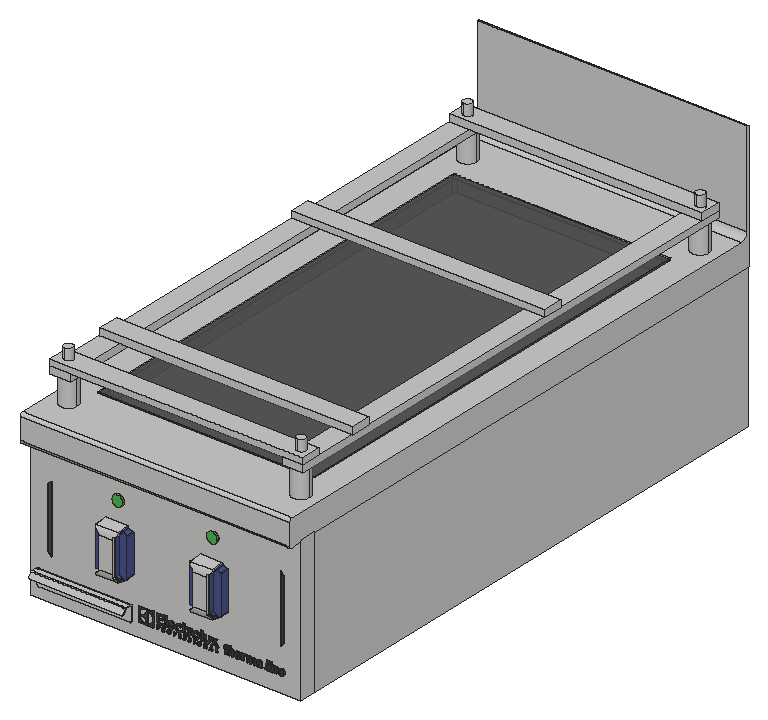
Revit family "QF_ELECTROLUXPROFESSIONAL_588493_HBIBBBDODM", category Specialty Equipment, Revit 2023
Family settings
  Round Connector Dimension = Use Diameter
  Part Type = Normal
  Work Plane-Based = No
  Enable Cutting in Views = No
  Always vertical = Yes
  Cut with Voids When Loaded = No
  Maintain Annotation Orientation = No
  Shared = No
  Room Calculation Point = No
Parameters (values of type "Standard")
  Weight = 50.00 kg
  Watts = 0 W
  Volts = 440 V
  URL Manufacturer = "http://www.electroluxprofessional.com"
  URL = "http://www.electroluxprofessional.com"
  ThermaLine_Logo_Visible [instance] = yes
  Steam Supply Size = 0"
  Steam Supply Minimum Pressure = 0.00 psi
  Steam Supply Maximum Pressure = 0.00 psi
  Steam Consumption per Hour = 0
  Show Clearance [instance] = yes
  Refrigeration Suction Line Size = 0 mm
  Refrigeration Liquid Line Size = 0 mm
  Refrigerant Compressor Remote = yes
  Default Elevation = 0 mm
  Phase = 3
  Model = "HBIBBBDODM"
  Manufacturer = "Electrolux Professional"
  Length Actual = 400 mm
  Item Number = "588493"
  Hot Water Size = 0"
  Height Actual = 250 mm
  HP = "13.4 HP"
  Gas Size = 0"
  Gas KW = 0
  Gas Input Pressure = 0.0 Btu/h
  Electrolux_Logo_Visible [instance] = yes
  Direct Waste Size = 0"
  Description = "INDUCTION TOP, 2 ZONES, 1-SIDE, SPLASHBACK, 400X850X250H MARINE USPHS (ONLY M2M)"
  Depth Actual = 850 mm
  Cycle = 60 Hz
  Condensate Return Size = 0"
  Compressed Air Volume = 0 GPM
  Compressed Air Size = 0"
  Compressed Air Pressure = 0.00 psi
  Cold Water Size = 0"
  Accessory = no
Reference planes
  plane 1 "BACK": y = 0
  plane 2: z = 0
  plane 3 "LEFT": x = 0
  plane 4 "RIGHT": x = 400
  plane 5 "FRONT": y = -850
  plane 6 "TOP": z = 900
  plane 7 "Center (Left/Right)": x = 200
  plane 8: y = -425
  plane 9: y = -150
  plane 10 "EIx": x = 355
  plane 11: z = 940
  plane 12 "BaseTop": z = 650
  plane 13: y = -805
  plane 14: z = 975
  plane 15 "EI_Y": y = -410
  plane 16: x = 375
  plane 17: x = 25
  plane 18: z = 692.5
Forms (mm)
  Extrusion 1, solid, material "QF_Finishes_Stainless Steel"
    sketch origin (-178.969, -4572, 100) x (-1, 0, 0) y (0, -1, 0)
      loop
        line (-178.969, -4572) -> (-178.969, -3767) -> (-578.969, -3767) -> (-578.969, -4572) -> (-178.969, -4572)
    from 550 to 762.969
  Extrusion 2, solid, material "QF_Finishes_Stainless Steel"
    sketch origin (0, 0, 650) x (-1, 0, 0) y (0, -1, 0)
      loop
        circle (-355, 410) r 10
    from 0 to -11.851
  Extrusion 3, solid, material "QF_Finishes_Stainless Steel"
    sketch origin (200, 296.4, 1219.2) x (0, 1, 0) y (0, 0, 1)
      loop
        arc (-1141.4, -319.2) -> (-1144.935, -320.664) -> (-1146.4, -324.2) r 5
        line (-1146.4, -324.2) -> (-1146.4, -355.2)
        arc (-1146.4, -355.2) -> (-1144.971, -358.264) -> (-1141.705, -359.139) r 4
        line (-1141.705, -359.139) -> (-1126.4, -356.231) -> (-296.4, -356.231) -> (-296.4, -169.2) -> (-298.4, -169.2) -> (-298.4, -309.2)
        arc (-298.4, -309.2) -> (-301.329, -316.271) -> (-308.4, -319.2) r 10
        line (-308.4, -319.2) -> (-1141.4, -319.2)
    from -200 to 200
  Extrusion 4, solid, material "QF_Finishes_Electrolux_Black Smoke Iluminated"
    sketch origin (0, 0, 900) x (-1, 0, 0) y (0, -1, 0)
      loop
        arc (-42, 94.819) -> (-40.586, 95.405) -> (-40, 96.819) r 2
        line (-40, 96.819) -> (-40, 753)
        arc (-40, 753) -> (-40.586, 754.414) -> (-42, 755) r 2
        line (-42, 755) -> (-358, 755)
        arc (-358, 755) -> (-359.414, 754.414) -> (-360, 753) r 2
        line (-360, 753) -> (-360, 96.819)
        arc (-360, 96.819) -> (-359.414, 95.405) -> (-358, 94.819) r 2
        line (-358, 94.819) -> (-42, 94.819)
    from 0 to -6
  Extrusion 5, void
    sketch origin (0, 0, 900) x (-1, 0, 0) y (0, -1, 0)
      loop
        arc (-42, 92.819) -> (-39.172, 93.991) -> (-38, 96.819) r 4
        line (-38, 96.819) -> (-38, 753)
        arc (-38, 753) -> (-39.172, 755.828) -> (-42, 757) r 4
        line (-42, 757) -> (-358, 757)
        arc (-358, 757) -> (-360.828, 755.828) -> (-362, 753) r 4
        line (-362, 753) -> (-362, 96.819)
        arc (-362, 96.819) -> (-360.828, 93.991) -> (-358, 92.819) r 4
        line (-358, 92.819) -> (-42, 92.819)
    from -0.023 to -25
  Extrusion 6, solid, material "QF_Finishes_Stainless Steel"
    sketch origin (97.5, -10, 930) x (0, 1, 0) y (-1, 0, 0)
      loop
        line (-30, 85) -> (-60, 85) -> (-60, -290) -> (-30, -290) -> (-30, 85)
      loop
        line (-800, 85) -> (-800, -290) -> (-770, -290) -> (-770, 85) -> (-800, 85)
      loop
        circle (-785, 70) r 6.5
      loop
        circle (-785, -275) r 6.5
      loop
        circle (-45, 70) r 6.5
      loop
        circle (-45, -275) r 6.5
    from 20 to 30
  Extrusion 7, solid, material "QF_Finishes_Stainless Steel"
    sketch origin (102.5, 0, 940) x (0, 1, 0) y (-1, 0, 0)
      loop
        line (-40, 90) -> (-810, 90) -> (-810, 60) -> (-40, 60) -> (-40, 90)
      loop
        line (-40, -285) -> (-40, -255) -> (-810, -255) -> (-810, -285) -> (-40, -285)
      loop
        circle (-55, 75) r 6.5
      loop
        circle (-55, -270) r 6.5
      loop
        circle (-795, 75) r 6.5
      loop
        circle (-795, -270) r 6.5
    from 0 to 10
  Extrusion 8, solid, material "QF_Finishes_Stainless Steel"
    sketch origin (97.5, -60, 950) x (0, 1, 0) y (-1, 0, 0)
      loop
        line (-272.5, 85) -> (-302.5, 85) -> (-302.5, -290) -> (-272.5, -290) -> (-272.5, 85)
      loop
        line (-627.5, 85) -> (-657.5, 85) -> (-657.5, -290) -> (-627.5, -290) -> (-627.5, 85)
    from 0 to 10
  Extrusion 9, solid, material "QF_Finishes_Stainless Steel"
    sketch origin (97.5, -11, 900) x (-1, 0, 0) y (0, -1, 0)
      loop
        circle (70, 44) r 13
      loop
        circle (-275, 44) r 13
      loop
        circle (70, 784) r 13
      loop
        circle (-275, 784) r 13
    from 0 to 40
  Extrusion 10, solid, material "QF_Finishes_Stainless Steel"
    sketch origin (97.5, -11, 940) x (0, 1, 0) y (-1, 0, 0)
      loop
        circle (-784, 70) r 6.5
      loop
        circle (-784, -275) r 6.5
      loop
        circle (-44, 70) r 6.5
      loop
        circle (-44, -275) r 6.5
    from 0 to 35
  Extrusion 11, solid, material "QF_Clearances", visible <- "Show Clearance", detail levels coarse
    sketch origin (0, -850, 0) x (1, 0, 0) y (0, 0, 1)
      loop
        line (0, 650) -> (0, 630) -> (400, 630) -> (400, 650) -> (0, 650)
    from -20 to -70
Cuts and joins
  Extrusion 5 cuts Extrusion 3
Lines and regions (mm)
  symbolic lines
    curve 1: line (400, -850, 100) -> (0, -850, 100)
    curve 2: line (387.5, -850, 940) -> (387.5, -40, 940)
  symbolic lines, style "QF_2DLine_204"
    curve 3: line (12.5, -40, 0) -> (387.5, -40, 0)
    curve 4: line (12.5, -810, 0) -> (12.5, -40, 0)
    curve 5: line (387.5, -810, 0) -> (12.5, -810, 0)
    curve 6: line (387.5, -40, 0) -> (387.5, -810, 0)
    curve 7: line (12.5, -717.5, 0) -> (387.5, -717.5, 0)
    curve 8: line (387.5, -687.5, 0) -> (12.5, -687.5, 0)
    curve 9: line (12.5, -362.5, 0) -> (387.5, -362.5, 0)
    curve 10: line (387.5, -332.5, 0) -> (12.5, -332.5, 0)
    curve 11: line (42.5, -70, 0) -> (42.5, -332.5, 0)
    curve 12: line (42.5, -362.5, 0) -> (42.5, -687.5, 0)
    curve 13: line (42.5, -717.5, 0) -> (42.5, -780, 0)
    curve 14: line (357.5, -780, 0) -> (357.5, -717.5, 0)
    curve 15: line (357.5, -687.5, 0) -> (357.5, -362.5, 0)
    curve 16: line (357.5, -332.5, 0) -> (357.5, -70, 0)
    curve 17: line (12.5, -70, 0) -> (387.5, -70, 0)
    curve 18: line (12.5, -780, 0) -> (387.5, -780, 0)
    curve 19: line (42.5, -755, 0) -> (357.5, -755, 0)
    curve 20: line (42.5, -94.819, 0) -> (357.5, -94.819, 0)
    curve 25: line (200, -220.603, 0) -> (200, -300.603, 0)
    curve 26: line (160, -260.603, 0) -> (240, -260.603, 0)
    curve 27: line (200, -629.397, 0) -> (200, -549.397, 0)
    curve 28: line (160, -589.397, 0) -> (240, -589.397, 0)
    curve 29: line (103.124, -397.012, 0) -> (85.447, -379.335, 0)
    curve 30: line (85.447, -164.335, 0) -> (103.124, -146.657, 0)
    curve 31: line (103.124, -452.988, 0) -> (85.447, -470.665, 0)
    curve 32: line (85.447, -470.665, 0) -> (85.447, -687.5, 0)
    curve 33: line (85.447, -379.335, 0) -> (85.447, -362.5, 0)
    curve 34: line (296.876, -397.012, 0) -> (314.553, -379.335, 0)
    curve 35: line (314.553, -164.335, 0) -> (296.876, -146.657, 0)
    curve 36: line (296.876, -452.988, 0) -> (314.553, -470.665, 0)
    curve 37: line (314.553, -470.665, 0) -> (314.553, -687.5, 0)
    curve 38: line (314.553, -379.335, 0) -> (314.553, -362.5, 0)
    curve 39: line (85.447, -332.5, 0) -> (85.447, -164.335, 0)
    curve 40: line (314.553, -332.5, 0) -> (314.553, -164.335, 0)
    curve 57: line (103.124, -725.806, 0) -> (94.818, -717.5, 0)
    curve 58: line (296.876, -725.806, 0) -> (305.182, -717.5, 0)
    curve 59: arc (27.5, -48.5, 0) -> (21, -55, 0) -> (27.5, -61.5, 0) r 6.5
    curve 60: arc (27.5, -61.5, 0) -> (34, -55, 0) -> (27.5, -48.5, 0) r 6.5
    curve 61: arc (372.5, -61.5, 0) -> (379, -55, 0) -> (372.5, -48.5, 0) r 6.5
    curve 62: arc (372.5, -48.5, 0) -> (366, -55, 0) -> (372.5, -61.5, 0) r 6.5
    curve 63: arc (372.5, -801.5, 0) -> (379, -795, 0) -> (372.5, -788.5, 0) r 6.5
    curve 64: arc (372.5, -788.5, 0) -> (366, -795, 0) -> (372.5, -801.5, 0) r 6.5
    curve 65: arc (27.5, -801.5, 0) -> (34, -795, 0) -> (27.5, -788.5, 0) r 6.5
    curve 66: arc (27.5, -788.5, 0) -> (21, -795, 0) -> (27.5, -801.5, 0) r 6.5
  symbolic lines, style "QF_2DLine_200"
    curve 21: line (0, -850, 0) -> (0, 0, 0)
    curve 22: line (0, 0, 0) -> (400, 0, 0)
    curve 23: line (400, 0, 0) -> (400, -850, 0)
    curve 24: line (400, -850, 0) -> (0, -850, 0)
  model lines
    curve 41: line (200, -220.603, 900) -> (200, -300.603, 900)
    curve 42: line (160, -260.603, 900) -> (240, -260.603, 900)
    curve 43: line (200, -629.397, 900) -> (200, -549.397, 900)
    curve 44: line (160, -589.397, 900) -> (240, -589.397, 900)
    curve 45: line (103.124, -397.012, 900) -> (85.447, -379.335, 900)
    curve 46: line (85.447, -164.335, 900) -> (103.124, -146.657, 900)
    curve 47: line (85.447, -470.665, 900) -> (85.447, -708.129, 900)
    curve 48: line (296.876, -397.012, 900) -> (314.553, -379.335, 900)
    curve 49: line (314.553, -164.335, 900) -> (296.876, -146.657, 900)
    curve 50: line (314.553, -470.665, 900) -> (314.553, -708.129, 900)
    curve 51: line (85.447, -379.335, 900) -> (85.447, -164.335, 900)
    curve 52: line (314.553, -379.335, 900) -> (314.553, -164.335, 900)
    curve 53: line (103.124, -725.806, 900) -> (85.447, -708.129, 900)
    curve 54: line (296.876, -725.806, 900) -> (314.553, -708.129, 900)
    curve 55: line (103.124, -452.988, 900) -> (85.447, -470.665, 900)
    curve 56: line (296.876, -452.988, 900) -> (314.553, -470.665, 900)
Dimensions and locks
  plane 3 "LEFT" to plane 4 "RIGHT" = 400 mm
  plane 5 "FRONT" to plane 1 "BACK" = 850 mm
  equal spacing: plane 3 "LEFT", plane 7 "Center (Left/Right)", plane 4 "RIGHT"
  equal spacing: plane 5 "FRONT", plane 8, plane 1 "BACK"
  plane 6 "TOP" to level = 900 mm  (x2)
  plane 1 "BACK" to plane 9 = 150 mm
  locked: plane 10 "EIx" to plane 4 "RIGHT" at 45
  plane 11 to plane 6 "TOP" = 40 mm
  locked: plane 6 "TOP" to plane 12 "BaseTop" at 250
  locked: plane 13 to plane 5 "FRONT" at 45
  plane 14 to plane 6 "TOP" = 75 mm  (x2)
  plane 15 "EI_Y" to plane 1 "BACK" = 410 mm
  aligned and locked: level to plane 2
  aligned and locked: cut or joined group of Extrusion 3, Extrusion 5 to plane 3 "LEFT"
  aligned and locked: cut or joined group of Extrusion 3, Extrusion 5 to plane 4 "RIGHT"
  aligned and locked: nested 1 to plane 13
  aligned and locked: Extrusion 1 to plane 13
  aligned and locked: plane 3 "LEFT" to nested 1
Automatic sketch dimensions
  Extrusion 2 sketch curve to plane 10 "EIx" = 0 mm
  Extrusion 2 sketch curve to plane 15 "EI_Y" = 0 mm
  Extrusion 3 sketch curve to plane 5 "FRONT" = 0 mm
  Extrusion 3 sketch curve to plane 6 "TOP" = 0 mm
  Extrusion 3 sketch curve to plane 1 "BACK" = 0 mm
  Extrusion 3 sketch curve to Extrusion 3 sketch curve = 4 mm
  Extrusion 3 sketch curve to Extrusion 3 sketch curve = 0.695 mm
  Extrusion 3 sketch curve to plane 5 "FRONT" = 5 mm
  Extrusion 3 sketch curve to Extrusion 3 sketch curve = 15.305 mm
  plane 1 "BACK" to Extrusion 3 sketch curve = 2 mm
  Extrusion 3 sketch curve to Extrusion 3 sketch curve = 31 mm
  Extrusion 3 sketch curve to plane 6 "TOP" = 37.031 mm
  plane 6 "TOP" to Extrusion 3 sketch curve = 10 mm
  plane 14 to Extrusion 3 sketch curve = 75 mm
  plane 1 "BACK" to Extrusion 1 sketch curve = 0 mm
  Extrusion 1 sketch curve to plane 4 "RIGHT" = 0 mm
  Extrusion 1 sketch curve to plane 3 "LEFT" = 0 mm
  Extrusion 1 sketch curve to plane 13 = 0 mm
  curve 1 to plane 4 "RIGHT" = 0 mm
  curve 1 to plane 3 "LEFT" = 0 mm
  plane 5 "FRONT" to curve 1 = 0 mm
  Extrusion 6 sketch curve to plane 13 = 5 mm
  Extrusion 6 sketch curve to plane 16 = 2.5 mm  (x2)
  plane 13 to Extrusion 6 sketch curve = 10 mm  (x2)
  plane 17 to Extrusion 6 sketch curve = 2.5 mm  (x2)
  Extrusion 6 sketch curve to Extrusion 6 sketch curve = 15 mm  (x4)
  plane 4 "RIGHT" to Extrusion 6 sketch curve = 12.5 mm  (x2)
  plane 1 "BACK" to Extrusion 6 sketch curve = 70 mm
  plane 3 "LEFT" to Extrusion 6 sketch curve = 12.5 mm  (x2)
  Extrusion 7 sketch curve to plane 13 = 5 mm  (x2)
  plane 17 to Extrusion 7 sketch curve = 2.5 mm  (x2)
  plane 13 to Extrusion 7 sketch curve = 10 mm  (x2)
  Extrusion 7 sketch curve to plane 16 = 2.5 mm  (x2)
  plane 1 "BACK" to Extrusion 7 sketch curve = 55 mm  (x2)
  Extrusion 7 sketch curve to plane 10 "EIx" = 2.5 mm
  Extrusion 7 sketch curve to Extrusion 7 sketch curve = 15 mm  (x2)
  plane 4 "RIGHT" to Extrusion 7 sketch curve = 12.5 mm
  plane 17 to Extrusion 7 sketch curve = 17.5 mm
  plane 3 "LEFT" to Extrusion 7 sketch curve = 12.5 mm
  plane 3 "LEFT" to Extrusion 8 sketch curve = 12.5 mm  (x2)
  plane 13 to Extrusion 8 sketch curve = 87.5 mm
  Extrusion 8 sketch curve to Extrusion 8 sketch curve = 30 mm  (x2)
  plane 15 "EI_Y" to Extrusion 8 sketch curve = 47.5 mm
  plane 4 "RIGHT" to Extrusion 8 sketch curve = 12.5 mm  (x2)
  Extrusion 9 sketch curve to plane 16 = 2.5 mm  (x2)
  plane 17 to Extrusion 9 sketch curve = 2.5 mm  (x2)
  plane 1 "BACK" to Extrusion 9 sketch curve = 55 mm  (x2)
  plane 13 to Extrusion 9 sketch curve = 10 mm  (x2)
  Extrusion 10 sketch curve to plane 16 = 2.5 mm  (x2)
  plane 13 to Extrusion 10 sketch curve = 10 mm  (x2)
  plane 17 to Extrusion 10 sketch curve = 2.5 mm  (x2)
  plane 1 "BACK" to Extrusion 10 sketch curve = 55 mm  (x2)
  curve 41 to plane 7 "Center (Left/Right)" = 0 mm
  curve 43 to plane 7 "Center (Left/Right)" = 0 mm
  plane 10 "EIx" to curve 48 = 40.447 mm
  plane 10 "EIx" to curve 56 = 40.447 mm
  plane 17 to curve 53 = 60.447 mm
  curve 46 to plane 9 = 14.335 mm
  plane 17 to curve 46 = 60.447 mm
  curve 52 to plane 9 = 14.335 mm
  plane 15 "EI_Y" to curve 52 = 30.665 mm
  plane 15 "EI_Y" to curve 45 = 30.665 mm
  curve 47 to plane 8 = 45.665 mm
  curve 50 to plane 8 = 45.665 mm
  plane 13 to curve 54 = 96.871 mm
  plane 13 to curve 47 = 96.871 mm
  plane 7 "Center (Left/Right)" to curve 44 = 40 mm
  plane 7 "Center (Left/Right)" to curve 42 = 40 mm
  plane 9 to curve 49 = 3.343 mm
  curve 49 to curve 49 = 17.678 mm
  plane 15 "EI_Y" to curve 48 = 12.988 mm
  curve 48 to curve 48 = 17.678 mm
  curve 56 to plane 8 = 27.988 mm
  curve 56 to curve 56 = 17.678 mm
  curve 50 to curve 54 = 17.678 mm  (x2)
  curve 44 to plane 7 "Center (Left/Right)" = 40 mm
  curve 42 to plane 7 "Center (Left/Right)" = 40 mm
  curve 53 to curve 47 = 17.678 mm
  curve 55 to plane 8 = 27.988 mm
  curve 55 to curve 47 = 17.678 mm
  plane 15 "EI_Y" to curve 45 = 12.988 mm
  curve 45 to curve 45 = 17.678 mm
  plane 9 to curve 46 = 3.343 mm
  curve 46 to curve 46 = 17.678 mm
  curve 41 to plane 9 = 70.603 mm
  curve 41 to curve 42 = 40 mm
  curve 42 to curve 41 = 40 mm
  curve 43 to plane 8 = 124.397 mm
  curve 43 to curve 44 = 40 mm
  curve 44 to curve 43 = 40 mm
  curve 47 to curve 53 = 17.678 mm
  Extrusion 11 sketch curve to plane 3 "LEFT" = 0 mm
  plane 4 "RIGHT" to Extrusion 11 sketch curve = 0 mm
  Extrusion 11 sketch curve to plane 12 "BaseTop" = 0 mm
  Extrusion 11 sketch curve to plane 12 "BaseTop" = 20 mm
  Extrusion 4 sketch curve to plane 10 "EIx" = 5 mm
  Extrusion 4 sketch curve to Extrusion 4 sketch curve = 2 mm  (x3)
  plane 17 to Extrusion 4 sketch curve = 17 mm  (x2)
  plane 9 to Extrusion 4 sketch curve = 55.181 mm
  plane 13 to Extrusion 4 sketch curve = 52 mm
  Extrusion 5 sketch curve to plane 10 "EIx" = 7 mm
  Extrusion 5 sketch curve to plane 10 "EIx" = 3 mm  (x2)
  plane 17 to Extrusion 5 sketch curve = 17 mm  (x2)
  Extrusion 5 sketch curve to Extrusion 5 sketch curve = 4 mm
  plane 9 to Extrusion 5 sketch curve = 57.181 mm
  plane 13 to Extrusion 5 sketch curve = 52 mm
  curve 24 to plane 3 "LEFT" = 0 mm
  curve 27 to plane 7 "Center (Left/Right)" = 0 mm
  curve 25 to plane 7 "Center (Left/Right)" = 0 mm
  curve 23 to plane 4 "RIGHT" = 0 mm
  plane 5 "FRONT" to curve 23 = 0 mm
  plane 1 "BACK" to curve 22 = 0 mm
  curve 5 to plane 13 = 5 mm
  plane 3 "LEFT" to curve 5 = 12.5 mm
  plane 17 to curve 33 = 60.447 mm
  plane 17 to curve 32 = 60.447 mm
  curve 39 to plane 9 = 14.335 mm
  plane 17 to curve 39 = 60.447 mm
  curve 35 to plane 9 = 14.335 mm
  plane 10 "EIx" to curve 35 = 40.447 mm
  plane 10 "EIx" to curve 38 = 40.447 mm
  plane 10 "EIx" to curve 37 = 40.447 mm
  plane 4 "RIGHT" to curve 3 = 12.5 mm
  curve 31 to plane 8 = 45.665 mm
  curve 36 to plane 8 = 45.665 mm
  plane 15 "EI_Y" to curve 38 = 30.665 mm
  plane 15 "EI_Y" to curve 33 = 30.665 mm
  plane 1 "BACK" to curve 3 = 40 mm
  plane 17 to curve 19 = 17.5 mm
  plane 17 to curve 20 = 17.5 mm
  plane 17 to curve 12 = 17.5 mm
  curve 32 to curve 57 = 9.371 mm
  curve 57 to curve 57 = 8.306 mm
  curve 31 to plane 8 = 27.988 mm
  curve 31 to curve 31 = 17.678 mm
  plane 15 "EI_Y" to curve 29 = 12.988 mm
  curve 29 to curve 29 = 17.678 mm
  plane 9 to curve 30 = 3.343 mm
  curve 30 to curve 30 = 17.678 mm
  curve 28 to plane 7 "Center (Left/Right)" = 40 mm
  curve 26 to plane 7 "Center (Left/Right)" = 40 mm
  plane 7 "Center (Left/Right)" to curve 26 = 40 mm
  plane 7 "Center (Left/Right)" to curve 28 = 40 mm
  plane 9 to curve 35 = 3.343 mm
  curve 35 to curve 35 = 17.678 mm
  plane 15 "EI_Y" to curve 34 = 12.988 mm
  curve 34 to curve 34 = 17.678 mm
  curve 36 to plane 8 = 27.988 mm
  curve 36 to curve 36 = 17.678 mm
  curve 58 to curve 37 = 17.678 mm
  curve 58 to curve 58 = 8.306 mm
  curve 15 to plane 10 "EIx" = 2.5 mm
  curve 14 to plane 10 "EIx" = 2.5 mm
  curve 16 to plane 10 "EIx" = 2.5 mm
  plane 13 to curve 18 = 25 mm
  curve 14 to curve 19 = 25 mm
  curve 19 to curve 57 = 29.194 mm
  curve 19 to curve 58 = 29.194 mm
  curve 19 to curve 7 = 37.5 mm
  curve 13 to curve 12 = 30 mm
  curve 37 to curve 27 = 58.103 mm
  curve 27 to curve 28 = 40 mm
  curve 28 to curve 27 = 40 mm
  curve 34 to curve 38 = 16.835 mm
  curve 15 to curve 16 = 30 mm
  plane 15 "EI_Y" to curve 25 = 109.397 mm
  curve 25 to curve 26 = 40 mm
  curve 26 to curve 25 = 40 mm
  curve 17 to curve 3 = 30 mm
  curve 20 to curve 11 = 24.819 mm
  plane 17 to curve 59 = 2.5 mm
  curve 11 to curve 59 = 15 mm
  curve 60 to curve 59 = 6.5 mm
  curve 62 to plane 16 = 2.5 mm
  curve 16 to curve 62 = 15 mm
  curve 62 to curve 61 = 6.5 mm
  curve 64 to plane 16 = 2.5 mm
  plane 13 to curve 64 = 10 mm
  plane 13 to curve 64 = 3.5 mm
  curve 65 to curve 66 = 0 mm  (x2)
  plane 17 to curve 65 = 2.5 mm
  plane 13 to curve 65 = 10 mm
  plane 13 to curve 65 = 3.5 mm
  radius of Extrusion 2 sketch curve = 10 mm
  radius of Extrusion 6 sketch curve = 6.5 mm  (x4)
  radius of Extrusion 7 sketch curve = 6.5 mm  (x4)
  radius of Extrusion 9 sketch curve = 13 mm  (x4)
  radius of Extrusion 10 sketch curve = 6.5 mm  (x4)
Nested families
  nested 1: "Front_Panel_W400_2 Knobs_Maniglia" at (-197.624, -805, 0), type "Front_Panel_W400_2 Knobs_Maniglia"
  nested 2: "ELX_Professional_Logo_Small" at (219.486, -830, 681.68) x (1, 0, 0) z (0, -1, 0), visible <- "Electrolux_Logo_Visible", type "ELX_Professional_Logo_Small"
    with Show Logo yes, Material_Logo QF_Finishes_Black
  nested 3: "ELX_ThermaLine_Small" at (327.5, -830, 679.713) x (1, 0, 0) z (0, -1, 0), visible <- "ThermaLine_Logo_Visible", type "ELX_ThermaLine_Small"
    with Show Logo yes, Material_Logo QF_Finishes_Black
Connectors
  electrical at (355, -410, 638.149)
    settings: on Extrusion 2, index 1, voltage 400 V, apparent load 33000 VA, apparent load phase1 0 VA, apparent load phase2 0 VA, apparent load phase3 0 VA, power factor 1, load classification "Other", number of poles 1, system type 30, power factor state 1, is connector primary yes, connector utility no, sub classification motor no, connector description "ELECTRICAL CONNECTION"
Definition of nested family "Front_Panel_W400_2 Knobs_Maniglia"
  Parameters (values of type "Front_Panel_W400_2 Knobs_Maniglia")
    Width = 400 mm
    Default Elevation = 0 mm
  Reference planes
    plane 1 "Center (Front/Back)": y = 0
    plane 2: z = 0
    plane 3 "Center (Left/Right)": x = 397.624
    plane 4 "Left": x = 197.624
    plane 5 "Right": x = 597.624
    plane 6: y = -45
    plane 7: y = -25
    plane 8: x = 572.624
    plane 9: x = 222.624
    plane 10: z = 650
    plane 11: z = 762
    plane 12: z = 822
    plane 13: x = 327.624
    plane 14: x = 467.624
  Forms (mm)
    Extrusion 1, solid
      sketch origin (833.217, 829.203, -1.25) x (0, 1, 0) y (0, 0, 1)
        loop
          line (-854.203, 651.25) -> (-829.203, 651.25) -> (-829.203, 864.25) -> (-854.203, 864.25) -> (-854.203, 651.25)
      from -635.593 to -235.593
    Extrusion 2, void
      sketch origin (0, 0, 0) x (1, 0, 0) y (0, 0, 1)
        loop
          line (222.624, 716.978) -> (227.624, 711.978) -> (227.624, 811.978) -> (222.624, 806.978) -> (222.624, 716.978)
        loop
          line (572.624, 806.978) -> (567.624, 811.978) -> (567.624, 711.978) -> (572.624, 716.978) -> (572.624, 806.978)
      from 23 to 25
    Extrusion 3, solid
      sketch origin (0, 0, 0) x (1, 0, 0) y (0, 0, 1)
        loop
          line (222.624, 716.978) -> (227.624, 711.978) -> (227.624, 811.978) -> (222.624, 806.978) -> (222.624, 716.978)
        loop
          line (572.624, 806.978) -> (567.624, 811.978) -> (567.624, 711.978) -> (572.624, 716.978) -> (572.624, 806.978)
      from 23 to 25
    Extrusion 4, solid
      sketch origin (-4.774, 0, -6.594) x (1, 0, 0) y (0, 0, 1)
        loop
          circle (332.398, 828.594) r 8
      from 27 to 25
    Extrusion 5, solid
      sketch origin (135.226, 0, -6.594) x (1, 0, 0) y (0, 0, 1)
        loop
          circle (332.398, 828.594) r 8
      from 27 to 25
  Cuts and joins
    Extrusion 2 cuts Extrusion 1
  Dimensions and locks
    equal spacing: plane 5 "Right", plane 3 "Center (Left/Right)", plane 4 "Left"
    "Width": plane 5 "Right" to plane 4 "Left"
    locked: plane 3 "Center (Left/Right)" to plane 13 at 70
    locked: plane 14 to plane 3 "Center (Left/Right)" at 70
    locked: plane 13 to plane 9 at 105
    locked: plane 8 to plane 14 at 105
    aligned and locked: cut or joined group of Extrusion 1, Extrusion 2 to plane 4 "Left"
    aligned and locked: plane 5 "Right" to cut or joined group of Extrusion 1, Extrusion 2
    aligned and locked: plane 13 to nested 1
    aligned and locked: plane 14 to nested 2
  Automatic sketch dimensions
    Extrusion 1 sketch curve to plane 7 = 0 mm
    Extrusion 1 sketch curve to plane 1 "Center (Front/Back)" = 0 mm
    Extrusion 1 sketch curve to plane 10 = 0 mm
    plane 12 to Extrusion 1 sketch curve = 41 mm
    Extrusion 2 sketch curve to plane 9 = 0 mm
    Extrusion 2 sketch curve to plane 8 = 0 mm
    plane 9 to Extrusion 2 sketch curve = 5 mm
    Extrusion 2 sketch curve to plane 8 = 5 mm
    Extrusion 2 sketch curve to plane 11 = 50.022 mm  (x2)
    Extrusion 2 sketch curve to Extrusion 2 sketch curve = 5 mm  (x4)
    Extrusion 2 sketch curve to plane 12 = 15.022 mm  (x2)
    Extrusion 3 sketch curve to plane 9 = 0 mm
    Extrusion 3 sketch curve to plane 8 = 0 mm
    plane 9 to Extrusion 3 sketch curve = 5 mm
    Extrusion 3 sketch curve to plane 8 = 5 mm
    Extrusion 3 sketch curve to plane 11 = 50.022 mm  (x2)
    Extrusion 3 sketch curve to Extrusion 3 sketch curve = 5 mm  (x4)
    Extrusion 3 sketch curve to plane 12 = 15.022 mm  (x2)
    Extrusion 4 sketch curve to plane 12 = 0 mm
    Extrusion 4 sketch curve to plane 13 = 0 mm
    Extrusion 5 sketch curve to plane 12 = 0 mm
    Extrusion 5 sketch curve to plane 14 = 0 mm
    radius of Extrusion 4 sketch curve = 8 mm
    radius of Extrusion 5 sketch curve = 8 mm
  Nested families
    nested 1: "Range Control Handle" at (327.624, -28.137, -209.113) x (-1, 0, 0) z (0, 0, 1), type "Range Control Handle"
    nested 2: "Range Control Handle" at (467.624, -28.137, -209.113) x (-1, 0, 0) z (0, 0, 1), type "Range Control Handle"
    nested 3: "QF_ELECTROLUXPROFESSIONAL_Maniglia140x25" at (277.624, -25, 678.5) x (1, 0, 0) z (0, -1, 0), type "QF_ELECTROLUXPROFESSIONAL_Maniglia140x25"
      with Show Clearance yes
  Definition of nested family "Range Control Handle"
    Parameters (values of type "Range Control Handle")
      Default Elevation = 0 mm
    Reference planes
      plane 1 "Center (Front/Back)": y = 0
      plane 2: z = 0
      plane 3 "Center (Left/Right)": x = 0
      plane 4: z = 971.092
      plane 5: y = -16.9
    Forms (mm)
      Extrusion 1, solid
        sketch origin (-746.28, 380.497, 208.931) x (-1, 0, 0) y (0, 0, 1)
          loop
            line (-770.101, 786.798) -> (-770.101, 731.649)
            arc (-770.101, 731.649) -> (-769.759, 730.563) -> (-768.855, 729.87) r 1.893
            line (-768.855, 729.87) -> (-763.474, 727.911) -> (-729.81, 727.911) -> (-724.428, 729.87)
            arc (-724.428, 729.87) -> (-723.525, 730.563) -> (-723.183, 731.649) r 1.893
            line (-723.183, 731.649) -> (-723.183, 786.798)
            arc (-723.183, 786.798) -> (-723.529, 787.894) -> (-724.44, 788.593) r 1.91
            line (-724.44, 788.593) -> (-729.683, 790.819) -> (-763.601, 790.819) -> (-768.844, 788.593)
            arc (-768.844, 788.593) -> (-769.755, 787.894) -> (-770.101, 786.798) r 1.91
        from -397.397 to -378.852
      Sweep 2, solid
        path origin (-746.788, 380.496, 208.091) x (0, -1, 0) y (0, 0, 1)
          loop
            line (379.775, 793.281) -> (395.661, 791.048)
            arc (395.661, 791.048) -> (397.781, 787.377) -> (398.517, 783.202) r 12.207
            line (398.517, 783.202) -> (398.517, 737.368)
            arc (398.517, 737.368) -> (397.781, 733.193) -> (395.661, 729.522) r 12.207
            line (395.661, 729.522) -> (379.775, 727.289)
        profile origin (-746.788, -7.222, 1000.256) x (0, -0.139173, 0.990268) y (-1, 0, 0)
          loop
            line (0.782, -763.123) -> (0.782, -730.907) -> (-1.322, -730.907) -> (-1.322, -763.123) -> (0.782, -763.123)
      Sweep 3, solid
        path origin (-746.788, 380.715, 207.832) x (0, -1, 0) y (0, 0, 1)
          loop
            line (380.478, 795.442) -> (397.218, 793.09)
            arc (397.218, 793.09) -> (399.929, 788.473) -> (400.871, 783.202) r 15.207
            line (400.871, 783.202) -> (400.871, 737.584)
            arc (400.871, 737.584) -> (399.914, 732.274) -> (397.164, 727.633) r 15.207
            line (397.164, 727.633) -> (380.601, 725.305)
        profile origin (-746.788, -8.132, 1002.099) x (0, -0.139173, 0.990268) y (-1, 0, 0)
          loop
            line (0.782, -763.123) -> (0.782, -730.907) -> (-1.322, -730.907) -> (-1.322, -763.123) -> (0.782, -763.123)
      Extrusion 4, void
        sketch origin (889.253, 220.666, 207.993) x (1, 0, 0) y (0, 0, 1)
          loop
            line (-943.038, 816.854) -> (-943.038, 703.686) -> (-899.466, 734.196) -> (-899.466, 786.344) -> (-943.038, 816.854)
        from 230.636 to 242.25
      Extrusion 5, void
        sketch origin (-888.8, 220.666, 207.993) x (-1, 0, 0) y (0, 0, -1)
          loop
            line (-943.038, -816.854) -> (-899.466, -786.344) -> (-899.466, -734.196) -> (-943.038, -703.686) -> (-943.038, -816.854)
        from 230.636 to 242.25
      Extrusion 6, solid
        sketch origin (0, 0, 0) x (1, 0, 0) y (0, 0, 1)
          loop
            circle (0, 971.092) r 7.736
        from -3.137 to -1.645
    Cuts and joins
      Extrusion 4, Extrusion 5 cuts Sweep 3
      Extrusion 4, Extrusion 5 cuts Sweep 2
      Extrusion 4, Extrusion 5 cuts Extrusion 1
      joined: Extrusion 1, Extrusion 6
    Lines and regions (mm)
      symbolic lines
        curve 1: line (16.334, -16.9, 0) -> (16.334, -19.227, 0)
        curve 2: spline (16.334, -19.227, 0) -> (15.87, -19.385, 0) -> (15.404, -19.536, 0) -> (14.936, -19.678, 0) -> (14.466, -19.813, 0) -> (13.995, -19.94, 0) -> (13.523, -20.059, 0) -> (13.049, -20.171, 0) -> (12.575, -20.274, 0) -> (12.099, -20.37, 0) -> (11.622, -20.458, 0) -> (11.144, -20.537, 0) -> (10.666, -20.609, 0)
        curve 3: line (10.666, -16.9, 0) -> (10.666, -20.938, 0)
        curve 4: line (-10.213, -20.938, 0) -> (10.666, -20.938, 0)
        curve 5: line (-10.213, -20.938, 0) -> (-10.213, -16.9, 0)
        curve 6: spline (-10.213, -20.609, 0) -> (-10.691, -20.537, 0) -> (-11.169, -20.458, 0) -> (-11.646, -20.37, 0) -> (-12.122, -20.274, 0) -> (-12.597, -20.171, 0) -> (-13.07, -20.059, 0) -> (-13.542, -19.94, 0) -> (-14.013, -19.813, 0) -> (-14.483, -19.678, 0) -> (-14.951, -19.536, 0) -> (-15.417, -19.385, 0) -> (-15.881, -19.227, 0)
        curve 7: line (-15.881, -19.227, 0) -> (-15.881, -16.9, 0)
  Definition of nested family "QF_ELECTROLUXPROFESSIONAL_Maniglia140x25"
    Parameters (values of type "QF_ELECTROLUXPROFESSIONAL_Maniglia140x25")
      Show Clearance [instance] = yes
      Default Elevation = 0 mm
    Reference planes
      plane 1 "Centro (Fronte/Retro)": y = 0
      plane 2: z = 0
      plane 3 "Centro (Sinistra/Destra)": x = 0
      plane 4: z = 45
      plane 5: z = 190
    Forms (mm)
      Extrusion 1, solid
        sketch origin (0, 0, 0) x (1, 0, 0) y (0, 1, 0)
          loop
            line (-300, 264.759) -> (-300, -290.478) -> (279.788, -290.478) -> (279.788, 264.759) -> (-300, 264.759)
        from 0 to -10
      Extrusion 2, solid
        sketch origin (0, 0, 0) x (0, 1, 0) y (0, 0, 1)
          loop
            arc (10.5, 0) -> (11.914, 0.586) -> (12.5, 2) r 2
            line (12.5, 2) -> (12.5, 10.926)
            arc (12.5, 10.926) -> (12.232, 11.926) -> (11.5, 12.658) r 2
            line (11.5, 12.658) -> (3.897, 17.047) -> (3.397, 16.181) -> (10.75, 11.936)
            arc (10.75, 11.936) -> (11.299, 11.387) -> (11.5, 10.637) r 1.5
            line (11.5, 10.637) -> (11.5, 2.499)
            arc (11.5, 2.499) -> (11.061, 1.439) -> (10.001, 1) r 1.499
            line (10.001, 1) -> (-12.5, 1) -> (-12.5, 0) -> (10.5, 0)
        from -70 to 70
      Extrusion 3, void
        sketch origin (0, 0, 0) x (1, 0, 0) y (0, 1, 0)
          loop
            line (-70, -12.5) -> (-67, -12.5)
            arc (-67, -12.5) -> (-69.121, -11.621) -> (-70, -9.5) r 3
            line (-70, -9.5) -> (-70, -12.5)
          loop
            line (70, -12.5) -> (70, -9.5)
            arc (70, -9.5) -> (69.121, -11.621) -> (67, -12.5) r 3
            line (67, -12.5) -> (70, -12.5)
        from 0 to 1.61
      Extrusion 4, void
        sketch origin (0, 15.897, 0) x (1, 0, 0) y (0, 1, 0)
          loop
            line (-70, -12.5) -> (-67, -12.5)
            arc (-67, -12.5) -> (-69.121, -11.621) -> (-70, -9.5) r 3
            line (-70, -9.5) -> (-70, -12.5)
          loop
            line (70, -12.5) -> (70, -9.5)
            arc (70, -9.5) -> (69.121, -11.621) -> (67, -12.5) r 3
            line (67, -12.5) -> (70, -12.5)
        from 17.313 to 14.099
    Cuts and joins
      Extrusion 3, Extrusion 4 cuts Extrusion 2
    Dimensions and locks
      plane 4 to level = 45 mm
      plane 5 to plane 4 = 145 mm
      aligned and locked: plane 2 to Extrusion 1
      aligned and locked: level to Extrusion 1
Definition of nested family "ELX_Professional_Logo_Small"
  Parameters (values of type "ELX_Professional_Logo_Small")
    Show Logo [instance] = yes
    Material_Logo [instance] = none
    Default Elevation = 0 mm
  Reference planes
    plane 1 "Centro (Fronte/Retro)": y = 0
    plane 2: z = 0
    plane 3 "Centro (Sinistra/Destra)": x = 0
  Forms (mm)
    Extrusion 1, solid
      sketch origin (0, 0, 0) x (1, 0, 0) y (0, 1, 0)
        loop
          line (-1219.2, 1219.2) -> (-1219.2, -1219.2) -> (1219.2, -1219.2) -> (1219.2, 1219.2) -> (-1219.2, 1219.2)
      from 0 to -304.8
    Extrusion 2, solid, material <- "Material_Logo"
      sketch origin (15.5, 0, 0) x (1, 0, 0) y (0, 1, 0)
        loop
          spline (-42.99, -1.24) -> (-43.195, -1.231) -> (-43.415, -1.203) -> (-43.642, -1.152) -> (-43.87, -1.074) -> (-44.095, -0.966) -> (-44.309, -0.825) -> (-44.506, -0.647) -> (-44.681, -0.429) -> (-44.828, -0.167) -> (-44.94, 0.142) -> (-45.011, 0.501) -> (-45.037, 0.915)
          line (-45.037, 0.915) -> (-45.037, 2.748) -> (-38.984, 2.748) -> (-38.984, 5.086) -> (-45.038, 5.086) -> (-45.038, 8.489) -> (-38.599, 8.489) -> (-38.599, 10.82) -> (-47.515, 10.82) -> (-47.515, 1.021)
          spline (-47.515, 1.021) -> (-47.493, 0.418) -> (-47.425, -0.15) -> (-47.311, -0.682) -> (-47.15, -1.175) -> (-46.939, -1.628) -> (-46.678, -2.038) -> (-46.365, -2.404) -> (-46, -2.723) -> (-45.58, -2.995) -> (-45.105, -3.216) -> (-44.573, -3.385) -> (-43.983, -3.499)
          line (-43.983, -3.499) -> (-43.01, -3.569) -> (-38.426, -3.569) -> (-38.426, -1.24) -> (-42.99, -1.24)
        loop
          line (-36.666, 4.021) -> (-36.666, -3.573) -> (-34.188, -3.573) -> (-34.188, 10.824) -> (-36.666, 10.824) -> (-36.666, 4.021)
        loop
          spline (-21.915, 1.897) -> (-21.957, 2.615) -> (-22.082, 3.303) -> (-22.285, 3.955) -> (-22.563, 4.564) -> (-22.913, 5.124) -> (-23.331, 5.629) -> (-23.814, 6.074) -> (-24.359, 6.451) -> (-24.961, 6.755) -> (-25.618, 6.98) -> (-26.326, 7.119) -> (-27.081, 7.167)
          spline (-27.081, 7.167) -> (-27.853, 7.122) -> (-28.586, 6.99) -> (-29.275, 6.774) -> (-29.915, 6.478) -> (-30.5, 6.104) -> (-31.024, 5.657) -> (-31.483, 5.138) -> (-31.871, 4.553) -> (-32.182, 3.904) -> (-32.411, 3.194) -> (-32.552, 2.427) -> (-32.6, 1.606)
          spline (-32.6, 1.606) -> (-32.553, 0.805) -> (-32.416, 0.057) -> (-32.193, -0.637) -> (-31.887, -1.271) -> (-31.504, -1.843) -> (-31.048, -2.35) -> (-30.523, -2.788) -> (-29.934, -3.154) -> (-29.284, -3.444) -> (-28.579, -3.656) -> (-27.822, -3.785) -> (-27.019, -3.829)
          spline (-27.019, -3.829) -> (-26.627, -3.82) -> (-26.239, -3.79) -> (-25.856, -3.739) -> (-25.477, -3.663) -> (-25.103, -3.562) -> (-24.734, -3.432) -> (-24.369, -3.273) -> (-24.01, -3.082) -> (-23.655, -2.858) -> (-23.305, -2.597) -> (-22.96, -2.299) -> (-22.621, -1.962)
          line (-22.621, -1.962) -> (-24.114, -0.509)
          spline (-24.114, -0.509) -> (-24.311, -0.699) -> (-24.509, -0.872) -> (-24.71, -1.03) -> (-24.915, -1.172) -> (-25.126, -1.297) -> (-25.346, -1.407) -> (-25.576, -1.5) -> (-25.817, -1.576) -> (-26.072, -1.636) -> (-26.342, -1.678) -> (-26.629, -1.704) -> (-26.936, -1.713)
          spline (-26.936, -1.713) -> (-27.384, -1.691) -> (-27.805, -1.625) -> (-28.196, -1.518) -> (-28.556, -1.372) -> (-28.882, -1.187) -> (-29.174, -0.966) -> (-29.429, -0.71) -> (-29.645, -0.422) -> (-29.821, -0.102) -> (-29.955, 0.247) -> (-30.045, 0.623) -> (-30.089, 1.026)
          line (-30.089, 1.026) -> (-21.956, 1.026) -> (-21.915, 1.897)
        loop
          spline (-24.446, 2.769) -> (-24.47, 3.075) -> (-24.54, 3.37) -> (-24.654, 3.65) -> (-24.807, 3.913) -> (-24.996, 4.156) -> (-25.219, 4.376) -> (-25.472, 4.57) -> (-25.753, 4.736) -> (-26.057, 4.869) -> (-26.382, 4.968) -> (-26.724, 5.03) -> (-27.081, 5.051)
          spline (-27.081, 5.051) -> (-27.464, 5.03) -> (-27.832, 4.97) -> (-28.183, 4.872) -> (-28.513, 4.74) -> (-28.819, 4.577) -> (-29.099, 4.384) -> (-29.347, 4.165) -> (-29.563, 3.923) -> (-29.742, 3.659) -> (-29.881, 3.377) -> (-29.977, 3.079) -> (-30.027, 2.769)
          line (-30.027, 2.769) -> (-24.446, 2.769)
        loop
          spline (-18.167, 1.669) -> (-18.138, 2.13) -> (-18.055, 2.567) -> (-17.921, 2.978) -> (-17.739, 3.358) -> (-17.512, 3.705) -> (-17.243, 4.016) -> (-16.937, 4.287) -> (-16.596, 4.517) -> (-16.223, 4.7) -> (-15.823, 4.835) -> (-15.398, 4.919) -> (-14.951, 4.947)
          spline (-14.951, 4.947) -> (-14.677, 4.938) -> (-14.414, 4.913) -> (-14.162, 4.871) -> (-13.921, 4.812) -> (-13.69, 4.738) -> (-13.467, 4.649) -> (-13.254, 4.544) -> (-13.048, 4.424) -> (-12.85, 4.291) -> (-12.659, 4.143) -> (-12.474, 3.981) -> (-12.295, 3.806)
          line (-12.295, 3.806) -> (-10.76, 5.403)
          spline (-10.76, 5.403) -> (-11.065, 5.709) -> (-11.38, 5.984) -> (-11.703, 6.228) -> (-12.035, 6.443) -> (-12.375, 6.63) -> (-12.723, 6.788) -> (-13.078, 6.92) -> (-13.44, 7.026) -> (-13.809, 7.107) -> (-14.184, 7.164) -> (-14.564, 7.198) -> (-14.951, 7.209)
          spline (-14.951, 7.209) -> (-15.725, 7.161) -> (-16.467, 7.02) -> (-17.169, 6.792) -> (-17.826, 6.482) -> (-18.43, 6.096) -> (-18.976, 5.637) -> (-19.455, 5.112) -> (-19.862, 4.525) -> (-20.19, 3.882) -> (-20.433, 3.189) -> (-20.584, 2.449) -> (-20.635, 1.669)
          spline (-20.635, 1.669) -> (-20.584, 0.889) -> (-20.433, 0.149) -> (-20.19, -0.545) -> (-19.862, -1.187) -> (-19.455, -1.774) -> (-18.976, -2.299) -> (-18.43, -2.758) -> (-17.826, -3.145) -> (-17.169, -3.454) -> (-16.467, -3.682) -> (-15.725, -3.823) -> (-14.951, -3.871)
          spline (-14.951, -3.871) -> (-14.564, -3.86) -> (-14.184, -3.826) -> (-13.809, -3.77) -> (-13.44, -3.689) -> (-13.078, -3.583) -> (-12.723, -3.451) -> (-12.375, -3.292) -> (-12.035, -3.105) -> (-11.703, -2.89) -> (-11.38, -2.646) -> (-11.065, -2.371) -> (-10.76, -2.066)
          line (-10.76, -2.066) -> (-12.295, -0.468)
          spline (-12.295, -0.468) -> (-12.474, -0.643) -> (-12.659, -0.805) -> (-12.85, -0.953) -> (-13.048, -1.087) -> (-13.254, -1.206) -> (-13.467, -1.311) -> (-13.69, -1.4) -> (-13.921, -1.475) -> (-14.162, -1.533) -> (-14.414, -1.575) -> (-14.677, -1.6) -> (-14.951, -1.609)
          spline (-14.951, -1.609) -> (-15.398, -1.581) -> (-15.823, -1.497) -> (-16.223, -1.362) -> (-16.596, -1.179) -> (-16.937, -0.95) -> (-17.243, -0.678) -> (-17.512, -0.367) -> (-17.739, -0.02) -> (-17.921, 0.36) -> (-18.055, 0.771) -> (-18.138, 1.208) -> (-18.167, 1.669)
        loop
          spline (-4.441, -1.243) -> (-4.659, -1.247) -> (-4.894, -1.23) -> (-5.137, -1.19) -> (-5.384, -1.121) -> (-5.628, -1.021) -> (-5.864, -0.884) -> (-6.084, -0.708) -> (-6.283, -0.488) -> (-6.454, -0.219) -> (-6.592, 0.101) -> (-6.69, 0.478) -> (-6.742, 0.914)
          line (-6.742, 0.914) -> (-6.742, 4.587) -> (-4.487, 4.587) -> (-4.487, 6.838) -> (-6.738, 6.838) -> (-6.738, 10.824) -> (-9.217, 10.824) -> (-9.217, 0.773)
          spline (-9.217, 0.773) -> (-9.164, 0.19) -> (-9.068, -0.358) -> (-8.928, -0.87) -> (-8.742, -1.343) -> (-8.511, -1.777) -> (-8.232, -2.168) -> (-7.904, -2.515) -> (-7.527, -2.816) -> (-7.098, -3.069) -> (-6.618, -3.273) -> (-6.084, -3.426) -> (-5.496, -3.525)
          line (-5.496, -3.525) -> (-4.45, -3.573) -> (-4.441, -1.243)
        loop
          spline (3.898, 6.983) -> (3.469, 7.009) -> (3.056, 7.001) -> (2.661, 6.961) -> (2.283, 6.888) -> (1.925, 6.785) -> (1.588, 6.652) -> (1.272, 6.49) -> (0.979, 6.301) -> (0.71, 6.085) -> (0.465, 5.844) -> (0.247, 5.578) -> (0.056, 5.289)
          line (0.056, 5.289) -> (0.056, 6.838) -> (-2.402, 6.838) -> (-2.402, -3.572) -> (0.056, -3.572) -> (0.056, 1.901)
          spline (0.056, 1.901) -> (0.079, 2.316) -> (0.145, 2.703) -> (0.254, 3.06) -> (0.404, 3.386) -> (0.592, 3.679) -> (0.818, 3.938) -> (1.08, 4.162) -> (1.375, 4.348) -> (1.703, 4.495) -> (2.062, 4.602) -> (2.45, 4.668) -> (2.865, 4.69)
          line (2.865, 4.69) -> (3.898, 4.586) -> (3.898, 6.983)
        loop
          spline (15.638, 1.633) -> (15.586, 2.396) -> (15.435, 3.124) -> (15.192, 3.81) -> (14.863, 4.449) -> (14.455, 5.034) -> (13.975, 5.56) -> (13.43, 6.021) -> (12.826, 6.411) -> (12.17, 6.724) -> (11.469, 6.955) -> (10.729, 7.098) -> (9.958, 7.147)
          spline (9.958, 7.147) -> (9.182, 7.098) -> (8.44, 6.955) -> (7.737, 6.724) -> (7.081, 6.411) -> (6.477, 6.021) -> (5.933, 5.56) -> (5.454, 5.034) -> (5.048, 4.449) -> (4.721, 3.81) -> (4.479, 3.124) -> (4.329, 2.396) -> (4.277, 1.633)
          spline (4.277, 1.633) -> (4.329, 0.869) -> (4.479, 0.141) -> (4.721, -0.544) -> (5.048, -1.183) -> (5.454, -1.768) -> (5.933, -2.294) -> (6.477, -2.755) -> (7.081, -3.145) -> (7.737, -3.459) -> (8.44, -3.69) -> (9.182, -3.833) -> (9.958, -3.882)
          spline (9.958, -3.882) -> (10.729, -3.833) -> (11.469, -3.69) -> (12.17, -3.459) -> (12.826, -3.145) -> (13.43, -2.755) -> (13.975, -2.294) -> (14.455, -1.768) -> (14.863, -1.183) -> (15.192, -0.544) -> (15.435, 0.141) -> (15.586, 0.869) -> (15.638, 1.633)
        loop
          spline (13.18, 1.633) -> (13.151, 2.083) -> (13.067, 2.513) -> (12.932, 2.918) -> (12.748, 3.296) -> (12.52, 3.642) -> (12.251, 3.954) -> (11.943, 4.227) -> (11.601, 4.459) -> (11.228, 4.645) -> (10.828, 4.782) -> (10.403, 4.867) -> (9.958, 4.896)
          spline (9.958, 4.896) -> (9.509, 4.867) -> (9.081, 4.782) -> (8.679, 4.645) -> (8.306, 4.459) -> (7.964, 4.227) -> (7.658, 3.954) -> (7.39, 3.642) -> (7.163, 3.296) -> (6.981, 2.918) -> (6.847, 2.513) -> (6.765, 2.083) -> (6.736, 1.633)
          spline (6.736, 1.633) -> (6.765, 1.182) -> (6.847, 0.753) -> (6.981, 0.347) -> (7.163, -0.031) -> (7.39, -0.377) -> (7.658, -0.689) -> (7.964, -0.962) -> (8.306, -1.193) -> (8.679, -1.38) -> (9.081, -1.517) -> (9.509, -1.602) -> (9.958, -1.631)
          spline (9.958, -1.631) -> (10.403, -1.602) -> (10.828, -1.517) -> (11.228, -1.38) -> (11.601, -1.193) -> (11.943, -0.962) -> (12.251, -0.689) -> (12.52, -0.377) -> (12.748, -0.031) -> (12.932, 0.347) -> (13.067, 0.753) -> (13.151, 1.182) -> (13.18, 1.633)
        loop
          line (17.162, 4.269) -> (17.162, -3.573) -> (19.642, -3.573) -> (19.642, 10.824) -> (17.162, 10.824) -> (17.162, 4.269)
        loop
          line (28.581, 6.838) -> (28.581, 0.786)
          spline (28.581, 0.786) -> (28.561, 0.393) -> (28.503, 0.038) -> (28.409, -0.279) -> (28.281, -0.559) -> (28.122, -0.802) -> (27.933, -1.011) -> (27.717, -1.185) -> (27.476, -1.325) -> (27.213, -1.433) -> (26.929, -1.509) -> (26.626, -1.554) -> (26.308, -1.569)
          spline (26.308, -1.569) -> (25.99, -1.554) -> (25.688, -1.509) -> (25.404, -1.434) -> (25.141, -1.326) -> (24.9, -1.187) -> (24.684, -1.014) -> (24.496, -0.807) -> (24.336, -0.565) -> (24.209, -0.288) -> (24.115, 0.026) -> (24.057, 0.376) -> (24.037, 0.765)
          line (24.037, 0.765) -> (24.037, 6.838) -> (21.537, 6.838) -> (21.537, 0.558)
          spline (21.537, 0.558) -> (21.581, -0.153) -> (21.71, -0.8) -> (21.916, -1.384) -> (22.195, -1.904) -> (22.54, -2.362) -> (22.944, -2.757) -> (23.403, -3.09) -> (23.909, -3.362) -> (24.456, -3.572) -> (25.04, -3.722) -> (25.652, -3.811) -> (26.288, -3.841)
          spline (26.288, -3.841) -> (26.929, -3.811) -> (27.547, -3.72) -> (28.135, -3.568) -> (28.687, -3.355) -> (29.197, -3.079) -> (29.66, -2.741) -> (30.068, -2.341) -> (30.415, -1.877) -> (30.696, -1.349) -> (30.905, -0.757) -> (31.034, -0.101) -> (31.079, 0.621)
          line (31.079, 0.621) -> (31.079, 6.838) -> (28.581, 6.838)
        loop
          line (40.457, -0.243) -> (38.894, 1.942) -> (40.83, 4.579) -> (42.488, 6.837) -> (39.782, 6.837) -> (37.53, 3.719) -> (35.258, 6.837) -> (32.573, 6.837) -> (34.113, 4.731) -> (36.167, 1.922) -> (34.014, -1.076) -> (32.222, -3.573) -> (34.887, -3.573) -> (37.53, 0.104) -> (40.174, -3.573) -> (42.839, -3.573) -> (40.457, -0.243)
        loop
          line (-46.121, -5.837) -> (-48.039, -5.837) -> (-48.039, -10.814) -> (-47.016, -10.814) -> (-47.016, -9.128) -> (-46.121, -9.128)
          arc (-46.121, -9.128) -> (-44.476, -7.482) -> (-46.121, -5.837) r 1.645
        loop
          line (-46.163, -6.778) -> (-47.016, -6.778) -> (-47.016, -8.187) -> (-46.163, -8.187)
          arc (-46.163, -8.187) -> (-45.458, -7.482) -> (-46.163, -6.778) r 0.704
        loop
          line (-38.313, -5.837) -> (-40.265, -5.837) -> (-40.265, -10.814) -> (-39.241, -10.814) -> (-39.241, -9.1) -> (-38.46, -9.182) -> (-37.48, -10.814) -> (-36.318, -10.814) -> (-37.513, -8.848)
          arc (-37.513, -8.848) -> (-36.888, -8.266) -> (-36.671, -7.441) r 1.536
          arc (-36.671, -7.441) -> (-37.165, -6.305) -> (-38.313, -5.837) r 1.643
        loop
          arc (-38.402, -8.166) -> (-37.707, -7.505) -> (-38.334, -6.778) r 0.696
          line (-38.334, -6.778) -> (-39.241, -6.778) -> (-39.241, -8.166) -> (-38.402, -8.166)
        loop
          circle (-29.965, -8.325) r 2.585
        loop
          circle (-29.965, -8.325) r 1.64
        loop
          line (-23.1, -5.837) -> (-23.1, -10.814) -> (-22.076, -10.814) -> (-22.076, -8.768) -> (-20.204, -8.768) -> (-20.204, -7.828) -> (-22.076, -7.828) -> (-22.076, -6.778) -> (-20.024, -6.778) -> (-20.024, -5.837) -> (-23.1, -5.837)
        loop
          line (-15.802, -5.837) -> (-15.802, -9.2)
          arc (-15.802, -9.2) -> (-15.343, -10.34) -> (-14.209, -10.814) r 1.593
          line (-14.209, -10.814) -> (-12.602, -10.814) -> (-12.602, -10.027) -> (-14.004, -10.027)
          arc (-14.004, -10.027) -> (-14.552, -9.8) -> (-14.779, -9.252) r 0.775
          line (-14.779, -9.252) -> (-14.779, -8.424) -> (-12.789, -8.424) -> (-12.789, -7.642) -> (-14.779, -7.642) -> (-14.779, -6.778) -> (-12.651, -6.778) -> (-12.651, -5.837) -> (-15.802, -5.837)
        loop
          line (-5.909, -7.143) -> (-5.173, -6.638)
          arc (-5.173, -6.638) -> (-5.855, -5.974) -> (-6.781, -5.755) r 1.782
          arc (-6.781, -5.755) -> (-7.397, -5.878) -> (-7.944, -6.189) r 1.974
          arc (-7.944, -6.189) -> (-8.202, -6.5) -> (-8.317, -6.888) r 1.013
          arc (-8.317, -6.888) -> (-8.306, -7.341) -> (-8.192, -7.78) r 1.985
          arc (-8.192, -7.78) -> (-7.749, -8.259) -> (-7.171, -8.563) r 1.928
          arc (-7.171, -8.563) -> (-6.637, -8.779) -> (-6.131, -9.056) r 5.041
          arc (-6.131, -9.056) -> (-5.934, -9.387) -> (-6.09, -9.74) r 0.42
          arc (-6.09, -9.74) -> (-6.631, -9.96) -> (-7.204, -9.845) r 1.016
          arc (-7.204, -9.845) -> (-7.625, -9.603) -> (-7.889, -9.196) r 1.033
          line (-7.889, -9.196) -> (-8.67, -9.686)
          arc (-8.67, -9.686) -> (-8.361, -10.198) -> (-7.908, -10.589) r 1.914
          arc (-7.908, -10.589) -> (-7.334, -10.834) -> (-6.714, -10.896) r 2.063
          arc (-6.714, -10.896) -> (-5.947, -10.743) -> (-5.256, -10.376) r 2.696
          arc (-5.256, -10.376) -> (-4.95, -9.565) -> (-5.108, -8.712) r 1.618
          arc (-5.108, -8.712) -> (-5.448, -8.319) -> (-5.884, -8.035) r 1.876
          arc (-5.884, -8.035) -> (-6.434, -7.789) -> (-6.999, -7.577) r 9.883
          arc (-6.999, -7.577) -> (-7.325, -7.07) -> (-6.854, -6.694) r 0.45
          arc (-6.854, -6.694) -> (-6.329, -6.809) -> (-5.909, -7.143) r 1.197
        loop
          line (1.61, -7.143) -> (2.345, -6.638)
          arc (2.345, -6.638) -> (1.663, -5.974) -> (0.737, -5.755) r 1.782
          arc (0.737, -5.755) -> (0.121, -5.878) -> (-0.425, -6.189) r 1.974
          arc (-0.425, -6.189) -> (-0.683, -6.5) -> (-0.799, -6.888) r 1.013
          arc (-0.799, -6.888) -> (-0.788, -7.341) -> (-0.674, -7.78) r 1.985
          arc (-0.674, -7.78) -> (-0.231, -8.259) -> (0.347, -8.563) r 1.928
          arc (0.347, -8.563) -> (0.881, -8.779) -> (1.387, -9.056) r 5.041
          arc (1.387, -9.056) -> (1.584, -9.387) -> (1.428, -9.74) r 0.42
          arc (1.428, -9.74) -> (0.887, -9.96) -> (0.314, -9.845) r 1.016
          arc (0.314, -9.845) -> (-0.107, -9.603) -> (-0.371, -9.196) r 1.033
          line (-0.371, -9.196) -> (-1.152, -9.686)
          arc (-1.152, -9.686) -> (-0.842, -10.198) -> (-0.39, -10.589) r 1.914
          arc (-0.39, -10.589) -> (0.184, -10.834) -> (0.804, -10.896) r 2.063
          arc (0.804, -10.896) -> (1.572, -10.743) -> (2.263, -10.376) r 2.696
          arc (2.263, -10.376) -> (2.568, -9.565) -> (2.411, -8.712) r 1.618
          arc (2.411, -8.712) -> (2.07, -8.319) -> (1.635, -8.035) r 1.876
          arc (1.635, -8.035) -> (1.084, -7.789) -> (0.519, -7.577) r 9.883
          arc (0.519, -7.577) -> (0.193, -7.07) -> (0.665, -6.694) r 0.45
          arc (0.665, -6.694) -> (1.189, -6.809) -> (1.61, -7.143) r 1.197
        loop
          line (6.801, -5.837) -> (6.801, -10.814) -> (7.825, -10.814) -> (7.825, -5.837) -> (6.801, -5.837)
        loop
          circle (14.724, -8.325) r 1.548
        loop
          circle (14.724, -8.325) r 2.585
        loop
          line (21.59, -10.814) -> (22.623, -10.814) -> (22.623, -7.685) -> (24.9, -10.814) -> (25.895, -10.814) -> (25.895, -5.837) -> (24.861, -5.837) -> (24.861, -9.061) -> (22.585, -5.837) -> (21.59, -5.837) -> (21.59, -10.814)
        loop
          line (31.054, -10.814) -> (31.539, -9.74) -> (33.38, -9.74) -> (33.865, -10.814) -> (34.965, -10.814) -> (32.46, -5.837) -> (29.956, -10.814) -> (31.054, -10.814)
        loop
          line (32.46, -7.698) -> (31.999, -8.719) -> (32.921, -8.719) -> (32.46, -7.698)
        loop
          line (40.047, -9.873) -> (40.047, -5.837) -> (39.024, -5.837) -> (39.024, -10.814) -> (41.961, -10.814) -> (41.961, -9.873) -> (40.047, -9.873)
        loop
          line (-74.986, -10.814) -> (-53.322, -10.814) -> (-53.322, 10.82) -> (-74.986, 10.82) -> (-74.986, -10.814)
        loop
          line (-61.261, 9.758) -> (-61.261, -9.707)
          arc (-61.261, -9.707) -> (-54.066, 0.025) -> (-61.261, 9.758) r 10.18
        loop
          line (-62.251, 8.349) -> (-62.251, 9.758)
          arc (-62.251, 9.758) -> (-70.347, 7.918) -> (-74.247, 0.59) r 9.976
          line (-74.247, 0.59) -> (-71.026, 0.59)
          arc (-71.026, 0.59) -> (-65.274, 2.925) -> (-62.251, 8.349) r 9.351
        loop
          arc (-74.247, -0.539) -> (-70.353, -7.928) -> (-62.251, -9.957) r 10.237
          line (-62.251, -9.957) -> (-62.251, -8.298)
          arc (-62.251, -8.298) -> (-65.274, -2.874) -> (-71.026, -0.539) r 9.351
          line (-71.026, -0.539) -> (-74.247, -0.539)
      from 0 to 0.8
  Dimensions and locks
    aligned and locked: plane 2 to Extrusion 1
    aligned and locked: level to Extrusion 1
Definition of nested family "ELX_ThermaLine_Small"
  Parameters (values of type "ELX_ThermaLine_Small")
    Show Logo [instance] = yes
    Material_Logo [instance] = none
    Default Elevation = 0 mm
  Reference planes
    plane 1 "Centro (Fronte/Retro)": y = 0
    plane 2: z = 0
    plane 3 "Centro (Sinistra/Destra)": x = 0
  Forms (mm)
    Extrusion 1, solid
      sketch origin (0, 0, 0) x (1, 0, 0) y (0, 1, 0)
        loop
          line (-1219.2, 1219.2) -> (-1219.2, -1219.2) -> (1219.2, -1219.2) -> (1219.2, 1219.2) -> (-1219.2, 1219.2)
      from 0 to -304.8
    Extrusion 2, solid
      sketch origin (0, 0, 0) x (1, 0, 0) y (0, 1, 0)
        loop
          line (-37.494, 1.229) -> (-35.908, 1.229) -> (-35.908, 3.066) -> (-37.494, 3.066) -> (-37.494, 6.221) -> (-39.867, 4.881) -> (-39.867, 3.066) -> (-40.969, 3.066) -> (-40.969, 1.229) -> (-39.867, 1.229) -> (-39.867, -3.407)
          arc (-39.867, -3.407) -> (-38.982, -5.513) -> (-36.751, -6.001) r 2.478
          line (-36.751, -6.001) -> (-35.638, -5.7) -> (-35.9, -3.835) -> (-36.661, -4.039)
          arc (-36.661, -4.039) -> (-37.236, -3.924) -> (-37.494, -3.399) r 0.662
          line (-37.494, -3.399) -> (-37.494, 1.229)
        loop
          line (-34.242, 6.539) -> (-34.242, -5.848) -> (-31.854, -5.848) -> (-31.854, -0.078)
          arc (-31.854, -0.078) -> (-30.939, 1.249) -> (-29.33, 1.367) r 1.866
          arc (-29.33, 1.367) -> (-28.695, 0.768) -> (-28.461, -0.073) r 1.627
          line (-28.461, -0.073) -> (-28.461, -5.848) -> (-26.086, -5.848) -> (-26.064, -0.46)
          arc (-26.064, -0.46) -> (-26.261, 0.932) -> (-26.786, 2.237) r 5.825
          arc (-26.786, 2.237) -> (-29.381, 3.264) -> (-31.854, 1.971) r 3.353
          line (-31.854, 1.971) -> (-31.854, 6.539) -> (-34.242, 6.539)
        loop
          arc (-18.398, -0.598) -> (-18.893, 0.879) -> (-20.326, 1.487) r 1.897
          arc (-20.326, 1.487) -> (-21.461, 0.708) -> (-21.897, -0.598) r 2.164
          line (-21.897, -0.598) -> (-18.398, -0.598)
        loop
          arc (-16.021, -2.044) -> (-16.754, 1.227) -> (-19.444, 3.226) r 4.814
          arc (-19.444, 3.226) -> (-22.137, 2.788) -> (-23.943, 0.743) r 4.054
          arc (-23.943, 0.743) -> (-24.382, -1.249) -> (-24.162, -3.276) r 6.289
          arc (-24.162, -3.276) -> (-23.302, -4.71) -> (-21.958, -5.705) r 4.28
          arc (-21.958, -5.705) -> (-18.558, -5.814) -> (-16.152, -3.409) r 4.28
          line (-16.152, -3.409) -> (-18.5, -2.995)
          arc (-18.5, -2.995) -> (-19.273, -3.994) -> (-20.533, -4.076) r 1.536
          arc (-20.533, -4.076) -> (-21.56, -3.281) -> (-21.958, -2.044) r 2.197
          line (-21.958, -2.044) -> (-16.021, -2.044)
        loop
          line (-14.165, -5.848) -> (-11.819, -5.848) -> (-11.819, -2.138)
          arc (-11.819, -2.138) -> (-11.787, -1.156) -> (-11.637, -0.185) r 8.18
